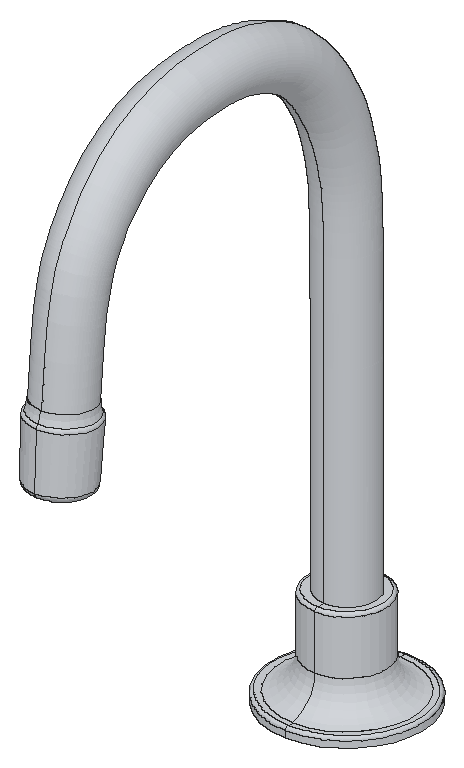
Revit family "II-BR04-11-BRAZO FIJO LAVAMANOS", category Plumbing Fixtures, host Face, Revit 2018
Family settings
  Host = Face
  Round Connector Dimension = Use Diameter
  Part Type = Normal
  OmniClass Number = 23.31.11.00
  Cut with Voids When Loaded = No
  Shared = No
  Room Calculation Point = No
Parameters (values of type "II-BR04-11")
  Waste Water Outlet = ""
  Waste Connection = 1 = 0  # no
  Vent Connection = 1 = 0  # no
  URL = "https://www.gricol.com/"
  Type Image = FOTO BRAZO FIJO LAVAMANOS.jpg
  Product Name = "BRAZO FIJO LAVAMANOS"  # constant formula
  Plastico ABS Cromado = Metal Laton Cromado
  Model = "II-BR04-11"  # constant formula
  Manufacturer = "Gricol"  # constant formula
  Link Ficha Tecnica = "https://infotecnica.gricol.com/FT_II-BR04-11.pdf"
  HW Connection = 1 = 1  # yes
  Profundidad = 125.00 mm
  Description = "Brazo Griferia Lavamanos"  # constant formula
  Default Elevation = 0.00 mm
  Date Modified = ""
  Date Created = "05/28/2020"  # constant formula
  Copyright = "All rights reserved © Gricol - 2020."  # constant formula
  CW Connection = 1 = 1  # yes
  Assembly Code = ""
  Ancho = 54.00 mm
  Alto = 235.00 mm
Reference planes
  plane 1 "Center (Front/Back)": y = 0
  plane 2: z = 0
  plane 3 "Center (Left/Right)": x = 0
  plane 4: z = 235
  plane 5: y = -125
  plane 6: x = 27.043
  plane 7: x = -26.957
Dimensions and locks
  "Alto": plane 4 to level
  "Profundidad": plane 1 "Center (Front/Back)" to plane 5
  plane 6 to plane 7 = 54.00 mm
  plane 4 to level = 235.00 mm
  equal spacing: plane 6, nested 1, plane 7
  aligned and locked: plane 2 to host face
  aligned and locked: level to host face
Automatic sketch dimensions
  host sketch curve to host sketch curve = 221.455 mm
  host sketch curve to host sketch curve = 297.197 mm
Nested families
  nested 1: "BRAZO FIJO LAVAMANOS" at (0.043, 0, 0), type "BRAZO FIJO LAVAMANOS"
Connectors
  piping at (0.043, 0, 0), diameter 12.7
    settings: on nested 1, index 1, connector inside diameter 24", connector length 0.00 mm, flow factor 0, pipe flow 0 GPM, pressure drop 0.00 psi, fitting loss kfactor 0, connector angle 0.00°, fixture units 0, engagement length 0.00 mm, angle of deflection 0.00°, flow configuration 0, flow direction 0, fitting loss method 0, system type 7, joint type 0, gender type 0, connector reference index -1, connector utility 0, adjustable connector no, is connector primary yes, connector description ""
Definition of nested family "BRAZO FIJO LAVAMANOS"
  Parameters (values of type "BRAZO FIJO LAVAMANOS")
    Metal Laton Cromado = none
    Material = none
  Reference planes
    plane 1 "Center (Front/Back)": y = 0
    plane 2: z = 0
    plane 3 "Center (Left/Right)": x = 0
    plane 4: z = 235
    plane 5: y = -125
    plane 6 "Manija 6": x = 67.12
    plane 7 "Manija 8": x = 53.74
    plane 8 "Manija 9": x = -25.018
    plane 9 "Manija 10": x = 24.982
    plane 10: y = -135.022
    plane 11: y = 9.978
    plane 12: z = 168.5
    plane 13: z = -66.5
  Forms (mm)
    Sweep 1, solid, material <- "Metal Laton Cromado"
      path origin (0, 0, 8.34) x (0, -1, 0) y (0, 0, -1)
        loop
          spline (0, -25.55) -> (0.055, -117.332) -> (0.439, -147.669) -> (1.813, -162.113) -> (7.405, -181.734) -> (16.469, -196.843) -> (31.579, -209.49) -> (50.099, -215.786) -> (68.437, -216.498) -> (89.036, -212.14) -> (105.711, -201.119) -> (116.768, -186.356) -> (125, -142.115)
      profile origin (0, -31.579, 217.83) x (0, -0.45222, -0.891906) y (1, 0, 0)
        loop
          circle (0, 0) r 10
    Revolve 2, solid, material <- "Metal Laton Cromado"
      sketch origin (0, 62.869, -143.454) x (0, 0.999079, -0.042907) y (0, 0.042907, 0.999079)
        loop
          line (-200.306, 285.577) -> (-200.884, 264.113) -> (-194.352, 263.937) -> (-194.271, 265.246) -> (-192.024, 265.107) -> (-192.442, 258.362)
          arc (-192.442, 258.362) -> (-190.822, 258.66) -> (-190.009, 260.091) r 1.948
          line (-190.009, 260.091) -> (-188.781, 279.942)
          arc (-188.781, 279.942) -> (-188.929, 280.782) -> (-189.532, 281.386) r 1.419
          arc (-189.532, 281.386) -> (-190.002, 283.317) -> (-190.085, 285.302) r 10.11
          line (-190.085, 285.302) -> (-200.306, 285.577)
        axis (-200.306, 285.577) -> (-201.032, 258.594)
      angle from 0 to 360
    Revolve 3, solid, material <- "Metal Laton Cromado"
      sketch origin (0, 0, 0) x (0, 1, 0) y (0, 0, 1)
        loop
          line (0, 35.317) -> (-12.891, 35.317)
          arc (-12.891, 35.317) -> (-13.659, 34.999) -> (-13.977, 34.231) r 1.086
          line (-13.977, 34.231) -> (-13.977, 14.887)
          arc (-13.977, 14.887) -> (-16.829, 7.463) -> (-23.688, 3.437) r 12.038
          line (-23.688, 3.437) -> (-25.834, 3.437)
          arc (-25.834, 3.437) -> (-26.63, 3.108) -> (-26.96, 2.312) r 1.126
          line (-26.96, 2.312) -> (-26.96, 0) -> (0, 0) -> (0, 35.317)
        axis (0, 0) -> (0, 35.317)
      angle from 0 to 360
  Dimensions and locks
    level to plane 4 = 235.00 mm  (x2)
    plane 1 "Center (Front/Back)" to plane 5 = 125.00 mm  (x2)
    plane 4 to level = 235.00 mm
    plane 6 "Manija 6" to plane 3 "Center (Left/Right)" = 67.12 mm  (x2)
    plane 5 to plane 1 "Center (Front/Back)" = 125.00 mm
    plane 10 to plane 11 = 145.00 mm
    plane 12 to level = 168.50 mm
    plane 12 to plane 13 = 235.00 mm
    aligned and locked: plane 2 to level
